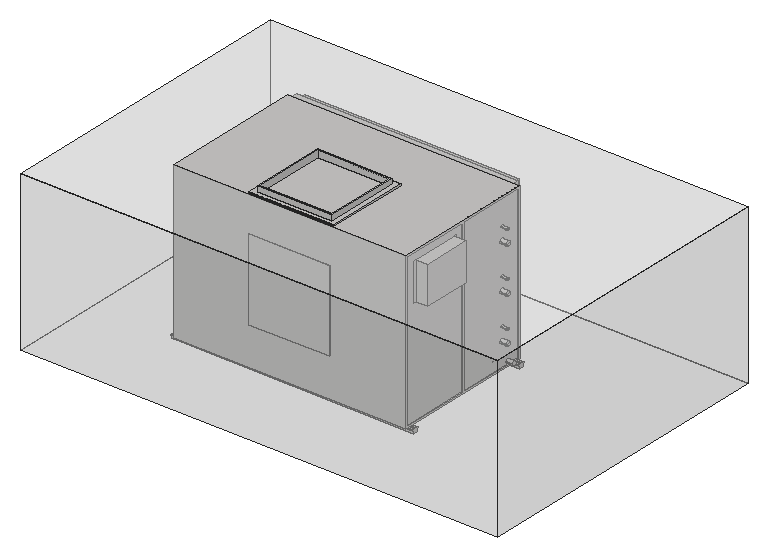
Revit family "outputfile", category 機械設備, Revit 2024
Family settings
  丸型コネクタ寸法 = 半径を使用
  パーツ タイプ = 標準
  OmniClass 番号 = 23.75.10.24.21.27.27
  OmniClass タイトル = Split System Air Conditioning Units
  作業面ベース = いいえ
  常に垂直 = はい
  ロード時にボイドで切り取り = いいえ
  注釈の向きを維持 = いいえ
  共有 = いいえ
  部屋計算ポイント = はい
Parameters (values of type "3FGN450HYL")
  Description = ""
  書き出し IFC クラス(タイプ) = "IfcUnitaryEquipmentType"
  定義済み IFC タイプ(タイプ) = "AIRCONDITIONINGUNIT"
  Cost = 0
  Type Comments = ""
  Keynote = ""
  Type Image = (empty or 0)
  Assembly Code = ""
  switch_frequency = yes
  lw_power = 1150 mm
  lw_frontpanel = 754 mm
  lw_box_front = lw_box + 18 mm  # 115 mm
  lw_box = 97 mm
  lw_RA = 1057 mm
  lh_liquidpipe_3 = 390 mm
  lh_liquidpipe_2 = 810 mm
  lh_height_SA = 698 mm
  lh_ld_mountinghole_height = 35 mm
  lh_height_RA = 1326 mm
  lh_hangerfixture = 35 mm
  lh_gaspipe_3 = 270 mm
  lh_gaspipe_2 = 690 mm
  lh_frontpanel_bottom = if(Width = 1766 mm, 444 mm, if(Width = 2022 mm, 479 mm, 402 mm))  # 402 mm
  lh_frontpanel = if(Width = 1766 mm, 542 mm, if(Width = 2022 mm, 542 mm, 758 mm))  # 758 mm
  lh_circlevoid = 135.5 mm
  lh_box_top = 95 mm
  lh_box = 351 mm
  lh_SA = 1546 mm
  lh_RA = 788 mm
  ld_void = 658 mm
  ld_frontpanel = 10 mm
  ld_depth_SA = 409 mm
  ld_depth_RA = 130 mm
  ld_circlevoid = 294.5 mm
  ld_box_left = 114 mm
  ld_box = 490 mm
  connector_voltage = Voltage_60Hz  # 380 V
  connector_powerinput = [Power Input (Cooling)]  # 47.570 kW
  connector_phase = Phase_60Hz  # 3
  製造元 = "Daikin"
  モデル = "3FGN450HYL"
  w_pipe = 33 mm
  r_Liquid Pipe Size = Liquid Pipe Size / 2  # 7.95 mm
  r_Gas Pipe Size = Gas Pipe Size / 2  # 17.45 mm
  r_Drain Pipe Size = Drain Pipe Size / 2  # 17.0 mm
  lw_powersupply = lw_power  # 1150 mm
  lw_width_RA = 2004 mm
  lw_width_SA = 694 mm
  lh_suctionflange [instance] = 100 mm
  ld_suctionflange [instance] = 190 mm
  ld_powersupply = 200 mm
  angle_vertical_RA [instance] = 90.00°
  angle horizontal_RA [instance] = 180.00°
  Voltage_comment_60Hz = "380"
  Voltage_60Hz = 380 V
  URL = ""
  Sound Power Level_H speed (dB) = 0
  Phase_60Hz = 3
  Minimum External Static Pressure = 0.00 Pa
  Minimum Circuit Amps_60Hz = 0.0 A
  Maximum Fuse Amps_60Hz = 0.0 A
  Maximum External Static Pressure = 250.00 Pa
  Material_Casing = DAIKIN_GalvanizedSteel_Casing_indoorunit
  lw_liquidpipe = 1137 mm
  lw_gaspipe = 1137 mm
  lw_mountinghole_pitch = 2234 mm
  lw_mountinghole = 2274 mm
  lw_drainpipe = 1137 mm
  lh_powersupply = 1040 mm
  lh_liquidpipe = 1230 mm
  lh_gaspipe = 1110 mm
  lh_mountinghole = 5 mm
  lh_drainpipe = 73 mm
  lh_antena = Height - 4 mm  # 1482 mm
  ld_liquidpipe = 470 mm
  ld_gaspipe = 470 mm
  ld_mountinghole_pitch = 1240 mm
  ld_drainpipe = 539 mm
  ld_controlbox = 626 mm
  h*** = 0 mm  # constant formula
  d_dischargeflange = 60 mm
  Width = 2174 mm
  Version = "ver.1.0"
  Unit Type = "Duct"
  Unit Mass Weight = 533.00 kg
  Unit Designation [instance] = ""
  Uniclass2015Version = "Products v1.30"
  Uniclass2015Title = "Split coil room air conditioning units"
  Uniclass2015Code = "Pr_70_65_03_86"
  Total Cooling Capacity [instance] = 0.000 kW
  Sound Pressure Level_M speed (dBA) = 0
  Sound Pressure Level_L speed (dBA) = 0
  Sound Pressure Level_H speed (dBA) = 68
  Series = "Package Aircon_Fan Coil Unit"
  Sensible Cooling Capacity [instance] = 0.000 kW
  SA Duct Size Width = 694 mm
  SA Duct Size Height = 698 mm
  Refrigerant Type = "R410A"
  RA Duct Size Width = 2004 mm
  RA Duct Size Height = 1326 mm
  Power Input (Cooling) = 47.570 kW
  Option Accessory 3 [instance] = ""
  Option Accessory 2 [instance] = ""
  Option Accessory 1 [instance] = ""
  Nominal Cooling Capacity = 131.887 kW
  Minimum Airflow = 0.00 m³/h
  Median Airflow = 0.00 m³/h
  Maximum Airflow = 22937.00 m³/h
  Load Classification = HVAC
  Liquid Pipe Size = 15.9 mm
  Link_Nested Family [instance] = ""
  IfcVersion = ""
  IfcExportType = "AIRCONDITIONINGUNIT"
  IfcExportAs = "IfcUnitaryEquipmentType"
  Height = 1486 mm
  Heat Exchanger Type = "Cross Fin Coil"
  Gas Pipe Size = 34.9 mm
  Frequency_60Hz = 60 Hz
  Fan Type = "Sirocco Fan"
  Fan Drive = "-"
  FCU Tag No. [instance] = ""
  Drain Pipe Size = 34.0 mm
  Design Supply Airflow [instance] = 0.00 m³/h
  Design Return Airflow [instance] = 0.00 m³/h
  Design External Static Pressure [instance] = 0.00 Pa
  Depth = 1336 mm
  既定の高さ = 0 mm
  Cooling Entering Wet Bulb Temperature [instance] = 0.00 °C
  Cooling Entering Dry Bulb Temperature [instance] = 0.00 °C
  Cooling Ambient Wet Bulb Temperature [instance] = 0.00 °C
  Cooling Ambient Dry Bulb Temperature [instance] = 0.00 °C
  Clearance visibility [instance] = yes
  Clearance Top = 0 mm
  Clearance Right = 1500 mm
  Clearance Rear = 800 mm
  Clearance Left = 800 mm
  Clearance Front = 800 mm
  Clearance Bottom = 0 mm
Reference planes
  plane 1 "Center (Front/Back)": y = 0
  plane 2: z = 0
  plane 3 "Center (Left/Right)": x = 0
  plane 4 "Back": y = 668
  plane 5 "Front": y = -668
  plane 6 "Left": x = -1087
  plane 7 "Right": x = 1087
  plane 8 "Top": z = 0
  plane 9 "Bottom": z = -1486
  plane 10: z = -256
  plane 11: z = -376
  plane 12: x = -1117
  plane 13: x = 1117
  plane 14: x = 1137
  plane 15: x = 1137
  plane 16: z = -1481
  plane 17 "Clearance Left": x = -1887
  plane 18 "Clearance Right": x = 2587
  plane 19 "Clearance Rear": y = 1468
  plane 20 "Clearance Front": y = -1468
  plane 21 "Clearance Bottom": z = -1486
  plane 22: z = -1413
  plane 23 "ld_gas": y = 470
  plane 24: y = 470
  plane 25: y = -30
  plane 26: y = 539
  plane 27: y = 478
  plane 28: x = 1137
  plane 29: y = 620
  plane 30: y = -620
  plane 31: y = -259
  plane 32: y = 798
  plane 33 "Clearance Top": z = 0
  plane 34: z = -446
  plane 35: y = -200
  plane 36 "hangerfixture": z = -1451
  plane 37 "lh_SA": z = 60
  plane 38 "lh_RA": z = -698
  plane 39 "RA_center": x = -30
  plane 40: y = -658
  plane 41: y = 0
  plane 42: y = 658
  plane 43: z = -10
  plane 44: z = -1441
  plane 45: y = 10
  plane 46: y = -658
  plane 47: y = 0
  plane 48: y = 658
  plane 49: z = -10
  plane 50: z = -1441
  plane 51: y = 10
  plane 52: x = 1069
  plane 53: x = 1184
  plane 54: y = -554
  plane 55: y = -534
  plane 56: y = -84
  plane 57: y = -64
  plane 58 "box_bottom": z = -446
  plane 59 "box_top": z = -95
  plane 60: x = -377
  plane 61: x = 377
  plane 62: y = -678
  plane 63: y = -658
  plane 64 "lw_power": x = 1150
  plane 65: z = -676
  plane 66: z = -796
  plane 67: z = -1096
  plane 68: z = -1216
  plane 69: x = 1067
  plane 70: x = -1067
  plane 71: z = -1084
  plane 72: z = -326
Forms (mm)
  Extrusion 1, solid, material "DAIKIN_GalvanizedSteel_Casing_indoorunit" <- "Material_Casing"
    sketch origin (0, -0.8, 0) x (1, 0, 0) y (0, 1, 0)
      loop
        line (-1087, -667.2) -> (1087, -667.2) -> (1087, 668.8) -> (-1087, 668.8) -> (-1087, -667.2)
    from -1451 to 0
  Revolve 2, solid, material "DAIKIN_GalvanizedSteel_Casing_indoorunit" <- "Material_Casing"
    sketch origin (0, 0, -376) x (0, -1, 0) y (1, 0, 0)
      loop
        line (-452.55, 1067) -> (-452.55, 1137) -> (-470, 1137) -> (-470, 1067) -> (-452.55, 1067)
      axis (-470, 1067) -> (-470, 1137)
    angle from 0 to 360
  Revolve 3, solid, material "DAIKIN_GalvanizedSteel_Casing_indoorunit" <- "Material_Casing"
    sketch origin (0, 0, -256) x (0, -1, 0) y (1, 0, 0)
      loop
        line (-470, 1067) -> (-470, 1137) -> (-477.95, 1137) -> (-477.95, 1067) -> (-470, 1067)
      axis (-470, 1137) -> (-470, 1067)
    angle from 0 to 360
  Extrusion 4, solid, material "DAIKIN_GalvanizedSteel_Casing_indoorunit" <- "Material_Casing"
    sketch origin (0, 0, 0) x (0, 1, 0) y (0, 0, 1)
      loop
        circle (539, -1413) r 17
    from 1137 to 1067
  Extrusion 5, void
    sketch origin (1087, 0, 0) x (0, 1, 0) y (0, 0, 1)
      loop
        line (-658, -10) -> (-658, -1441) -> (0, -1441) -> (0, -10) -> (-658, -10)
      loop
        line (658, -10) -> (10, -10) -> (10, -1441) -> (658, -1441) -> (658, -10)
    from 0 to -20
  Extrusion 6, void
    sketch origin (-1087, 0, 0) x (0, 1, 0) y (0, 0, 1)
      loop
        line (-658, -10) -> (-658, -1441) -> (0, -1441) -> (0, -10) -> (-658, -10)
      loop
        line (658, -10) -> (10, -10) -> (10, -1441) -> (658, -1441) -> (658, -10)
    from 0 to 20
  Extrusion 7, solid, material "DAIKIN_GalvanizedSteel_Casing_indoorunit" <- "Material_Casing"
    sketch origin (0, 0, 0) x (1, 0, 0) y (0, 1, 0)
      loop
        line (1067, -554) -> (1069, -554) -> (1069, -534) -> (1184, -534) -> (1184, -84) -> (1069, -84) -> (1069, -64) -> (1067, -64) -> (1067, -554)
    from -446 to -95
  Extrusion 8, solid, material "DAIKIN_GalvanizedSteel_Casing_indoorunit" <- "Material_Casing"
    sketch origin (0, 0, -1486) x (-1, 0, 0) y (0, -1, 0)
      loop
        line (377, 658) -> (377, 678) -> (-377, 678) -> (-377, 658) -> (377, 658)
    from 402 to 1160
  Revolve 9, solid, material "DAIKIN_GalvanizedSteel_Casing_indoorunit" <- "Material_Casing"
    sketch origin (0, 0, -796) x (0, -1, 0) y (1, 0, 0)
      loop
        line (-452.55, 1067) -> (-452.55, 1137) -> (-470, 1137) -> (-470, 1067) -> (-452.55, 1067)
      axis (-470, 1067) -> (-470, 1137)
    angle from 0 to 360
  Revolve 10, solid, material "DAIKIN_GalvanizedSteel_Casing_indoorunit" <- "Material_Casing"
    sketch origin (0, 0, -676) x (0, -1, 0) y (1, 0, 0)
      loop
        line (-470, 1067) -> (-470, 1137) -> (-477.95, 1137) -> (-477.95, 1067) -> (-470, 1067)
      axis (-470, 1137) -> (-470, 1067)
    angle from 0 to 360
  Extrusion 11, void
    sketch origin (1087, 0, 0) x (0, 1, 0) y (0, 0, 1)
      loop
        circle (373.5, -1350.5) r 13.5
    from -21 to 0
  Revolve 12, solid, material "DAIKIN_GalvanizedSteel_Casing_indoorunit" <- "Material_Casing"
    sketch origin (0, 0, -1216) x (0, -1, 0) y (1, 0, 0)
      loop
        line (-452.55, 1067) -> (-452.55, 1137) -> (-470, 1137) -> (-470, 1067) -> (-452.55, 1067)
      axis (-470, 1067) -> (-470, 1137)
    angle from 0 to 360
  Revolve 13, solid, material "DAIKIN_GalvanizedSteel_Casing_indoorunit" <- "Material_Casing"
    sketch origin (0, 0, -1096) x (0, -1, 0) y (1, 0, 0)
      loop
        line (-470, 1067) -> (-470, 1137) -> (-477.95, 1137) -> (-477.95, 1067) -> (-470, 1067)
      axis (-470, 1137) -> (-470, 1067)
    angle from 0 to 360
Cuts and joins
  Extrusion 5, Extrusion 6, Extrusion 11 cuts Extrusion 1
  Extrusion 6 cuts Revolve 2
  Extrusion 6 cuts Revolve 3
  Extrusion 6 cuts Extrusion 4
Dimensions and locks
  equal spacing: plane 12, plane 3 "Center (Left/Right)", plane 13
  "lw_mountinghole_pitch": plane 12 to plane 13
  "lh_liquidpipe": plane 10 to plane 9 "Bottom"
  "lh_gaspipe": plane 11 to plane 9 "Bottom"
  equal spacing: plane 6 "Left", plane 3 "Center (Left/Right)", plane 7 "Right"
  "Width": plane 6 "Left" to plane 7 "Right"
  "Clearance Right": plane 7 "Right" to plane 18 "Clearance Right"
  "Clearance Left": plane 17 "Clearance Left" to plane 6 "Left"
  "Clearance Rear": plane 19 "Clearance Rear" to plane 4 "Back"
  "Clearance Front": plane 5 "Front" to plane 20 "Clearance Front"
  "Depth": plane 4 "Back" to plane 5 "Front"
  equal spacing: plane 4 "Back", plane 1 "Center (Front/Back)", plane 5 "Front"
  "ld_suctionflange": plane 4 "Back" to plane 27
  "r_Liquid Pipe Size": nested 5 to Revolve 3 sketch curve
  equal spacing: plane 29, plane 1 "Center (Front/Back)", plane 30
  "ld_mountinghole_pitch": plane 29 to plane 30
  "lw_liquidpipe": plane 3 "Center (Left/Right)" to plane 14
  "lw_gaspipe": plane 3 "Center (Left/Right)" to plane 15
  "lw_drainpipe": plane 3 "Center (Left/Right)" to plane 28
  "lh_drainpipe": plane 22 to plane 9 "Bottom"
  "Clearance Top": plane 33 "Clearance Top" to plane 8 "Top"
  "Clearance Bottom": plane 9 "Bottom" to plane 21 "Clearance Bottom"
  "lh_powersupply": plane 34 to plane 9 "Bottom"
  plane 8 "Top" to level = 0 mm
  "lh_hangerfixture": plane 36 "hangerfixture" to plane 9 "Bottom"
  "lh_SA": plane 37 "lh_SA" to plane 9 "Bottom"
  "ld_depth_RA": plane 32 to plane 4 "Back"
  "lh_RA": plane 38 "lh_RA" to plane 9 "Bottom"
  "lw_RA": plane 6 "Left" to plane 39 "RA_center"
  locked: plane 36 "hangerfixture" to plane 44 at 10
  plane 5 "Front" to plane 40 = 10 mm
  locked: plane 8 "Top" to plane 43 at 10
  plane 42 to plane 4 "Back" = 10 mm
  "ld_void": plane 40 to plane 41
  "ld_void": plane 46 to plane 47
  plane 5 "Front" to plane 46 = 10 mm
  plane 48 to plane 4 "Back" = 10 mm
  locked: plane 8 "Top" to plane 49 at 10
  locked: plane 50 to plane 36 "hangerfixture" at 10
  "ld_box_left": plane 54 to plane 5 "Front"
  "ld_box": plane 57 to plane 54
  locked: plane 55 to plane 54 at 20
  locked: plane 57 to plane 56 at 20
  "lw_box": plane 7 "Right" to plane 53
  "lh_box_top": plane 8 "Top" to plane 59 "box_top"
  "lh_box": plane 59 "box_top" to plane 58 "box_bottom"
  equal spacing: plane 60, plane 3 "Center (Left/Right)", plane 61
  "lw_power": plane 3 "Center (Left/Right)" to plane 64 "lw_power"
  "lh_gaspipe_2": plane 66 to plane 9 "Bottom"
  "lh_liquidpipe_2": plane 65 to plane 9 "Bottom"
  "ld_powersupply": plane 35 to plane 1 "Center (Front/Back)"
  "ld_drainpipe": plane 26 to plane 1 "Center (Front/Back)"
  "ld_gaspipe": plane 23 "ld_gas" to plane 1 "Center (Front/Back)"
  "r_Gas Pipe Size": plane 23 "ld_gas" to Revolve 9 sketch curve
  "r_Gas Pipe Size": plane 23 "ld_gas" to Revolve 2 sketch curve
  "r_Liquid Pipe Size": Revolve 10 sketch curve to plane 24
  "ld_liquidpipe": plane 24 to plane 1 "Center (Front/Back)"
  "ld_depth_SA": plane 31 to plane 5 "Front"
  "lh_circlevoid": Extrusion 11 sketch curve to plane 9 "Bottom"
  "Height": plane 8 "Top" to plane 9 "Bottom"
  "lh_mountinghole": plane 16 to plane 9 "Bottom"
  "lh_gaspipe_3": plane 68 to plane 9 "Bottom"
  "lh_liquidpipe_3": plane 67 to plane 9 "Bottom"
  "ld_circlevoid": Extrusion 11 sketch curve to plane 4 "Back"
  "lw_box_front": plane 52 to plane 53
  locked: plane 69 to plane 7 "Right" at 20
  locked: plane 6 "Left" to plane 70 at 20
  "lh_frontpanel_bottom": plane 71 to plane 9 "Bottom"
  "lh_frontpanel": plane 72 to plane 71
  "r_Gas Pipe Size": plane 24 to Revolve 12 sketch curve
  "r_Liquid Pipe Size": Revolve 13 sketch curve to plane 24
  "lw_frontpanel": plane 60 to plane 61
  locked: plane 63 to plane 5 "Front" at 10
  "ld_frontpanel": plane 5 "Front" to plane 62
  locked: plane 41 to plane 45 at 10
  locked: plane 47 to plane 51 at 10
  "r_Drain Pipe Size": radius of Extrusion 4 sketch curve
  diameter of Extrusion 11 sketch curve = 27 mm
  aligned and locked: level to plane 2
  aligned and locked: plane 8 "Top" to Extrusion 1
  aligned and locked: Revolve 2 sketch curve to Revolve 2 sketch curve
  aligned and locked: plane 14 to nested 5
  aligned and locked: nested 5 to plane 10
  aligned and locked: nested 2 to plane 13
  aligned and locked: nested 3 to plane 12
  aligned and locked: plane 12 to nested 4
  aligned and locked: nested 6 to plane 11
  aligned and locked: plane 23 "ld_gas" to nested 6
  aligned and locked: plane 24 to nested 5
  aligned and locked: Extrusion 4 sketch curve to plane 26
  aligned and locked: nested 10 to plane 19 "Clearance Rear"
  aligned and locked: nested 10 to plane 18 "Clearance Right"
  aligned and locked: nested 10 to plane 17 "Clearance Left"
  aligned and locked: nested 10 to plane 20 "Clearance Front"
  aligned and locked: plane 28 to Extrusion 4
  aligned and locked: plane 15 to nested 6  (x2)
  aligned and locked: plane 13 to nested 1
  aligned and locked: plane 26 to nested 7
  aligned and locked: nested 7 to plane 22
  aligned and locked: nested 7 to plane 28
  aligned and locked: plane 29 to nested 1
  aligned and locked: plane 30 to nested 2
  aligned and locked: nested 4 to plane 29
  aligned and locked: nested 3 to plane 30
  aligned and locked: nested 9 to plane 4 "Back"
  aligned and locked: plane 32 to nested 13
  aligned and locked: plane 3 "Center (Left/Right)" to nested 12
  aligned and locked: nested 10 to plane 33 "Clearance Top"
  aligned and locked: nested 10 to plane 21 "Clearance Bottom"
  aligned and locked: nested 11 to plane 9 "Bottom"
  aligned and locked: plane 36 "hangerfixture" to Extrusion 1
  aligned and locked: Extrusion 1 to plane 5 "Front"
  aligned and locked: Extrusion 1 to plane 4 "Back"
  aligned and locked: plane 38 "lh_RA" to nested 9
  aligned and locked: nested 13 to plane 38 "lh_RA"
  aligned and locked: plane 39 "RA_center" to nested 9
  aligned and locked: nested 13 to plane 39 "RA_center"
  aligned and locked: Extrusion 5 sketch curve to plane 43
  aligned and locked: Extrusion 5 sketch curve to plane 40
  aligned and locked: plane 44 to Extrusion 5 sketch curve
  aligned and locked: Extrusion 5 sketch curve to plane 41
  aligned and locked: plane 43 to Extrusion 5 sketch curve
  aligned and locked: Extrusion 5 sketch curve to plane 42
  aligned and locked: Extrusion 5 sketch curve to plane 44
  aligned and locked: Extrusion 5 sketch curve to plane 45
  aligned and locked: Extrusion 6 sketch curve to plane 49
  aligned and locked: Extrusion 6 sketch curve to plane 46
  aligned and locked: plane 50 to Extrusion 6 sketch curve
  aligned and locked: Extrusion 6 sketch curve to plane 47
  aligned and locked: plane 49 to Extrusion 6 sketch curve
  aligned and locked: Extrusion 6 sketch curve to plane 48
  aligned and locked: Extrusion 6 sketch curve to plane 50
  aligned and locked: Extrusion 6 sketch curve to plane 51
  aligned and locked: cut or joined group of Extrusion 1, Extrusion 5, Extrusion 6, Extrusion 11 to Extrusion 7 sketch curve
  aligned and locked: plane 57 to Extrusion 7 sketch curve
  aligned and locked: plane 53 to Extrusion 7 sketch curve
  aligned and locked: Extrusion 7 sketch curve to plane 54
  aligned and locked: plane 59 "box_top" to Extrusion 7
  aligned and locked: Extrusion 7 to plane 58 "box_bottom"
  aligned and locked: Extrusion 8 sketch curve to plane 63
  aligned and locked: Extrusion 8 sketch curve to plane 60
  aligned and locked: plane 62 to Extrusion 8 sketch curve
  aligned and locked: plane 61 to Extrusion 8 sketch curve
  aligned and locked: Revolve 9 sketch curve to Revolve 9 sketch curve
  aligned and locked: nested 15 to plane 65
  aligned and locked: nested 16 to plane 66
  aligned and locked: plane 14 to Revolve 10
  aligned and locked: nested 15 to plane 14
  aligned and locked: plane 15 to cut or joined group of Revolve 2, Extrusion 6  (x3)
  aligned and locked: cut or joined group of Revolve 2, Extrusion 6 to plane 15
  aligned and locked: nested 14 to plane 35
  aligned and locked: Revolve 2 sketch curve to plane 23 "ld_gas"
  aligned and locked: plane 23 "ld_gas" to nested 16
  aligned and locked: plane 24 to nested 15
  aligned and locked: plane 37 "lh_SA" to nested 12
  aligned and locked: plane 37 "lh_SA" to nested 8
  aligned and locked: plane 31 to nested 12
  aligned and locked: plane 31 to nested 8
  aligned and locked: cut or joined group of Extrusion 1, Extrusion 5, Extrusion 6, Extrusion 11 to cut or joined group of Extrusion 4, Extrusion 6
  aligned and locked: cut or joined group of Extrusion 1, Extrusion 5, Extrusion 6, Extrusion 11 to Revolve 10
  aligned and locked: Revolve 9 to cut or joined group of Extrusion 1, Extrusion 5, Extrusion 6, Extrusion 11
  aligned and locked: cut or joined group of Extrusion 1, Extrusion 5, Extrusion 6, Extrusion 11 to cut or joined group of Revolve 3, Extrusion 6
  aligned and locked: cut or joined group of Revolve 2, Extrusion 6 to cut or joined group of Extrusion 1, Extrusion 5, Extrusion 6, Extrusion 11
  aligned and locked: plane 52 to Extrusion 7 sketch curve
  aligned and locked: Extrusion 7 sketch curve to plane 55
  aligned and locked: Extrusion 7 sketch curve to plane 56
  aligned and locked: Extrusion 7 sketch curve to plane 52
  aligned and locked: nested 14 to plane 64 "lw_power"
  aligned and locked: nested 14 to plane 34
  aligned and locked: Revolve 12 sketch curve to Revolve 12 sketch curve
  aligned and locked: nested 17 to plane 67
  aligned and locked: nested 18 to plane 68
  aligned and locked: cut or joined group of Extrusion 1, Extrusion 5, Extrusion 6, Extrusion 11 to plane 70
  aligned and locked: Extrusion 5 to plane 69
  aligned and locked: plane 24 to nested 17
  aligned and locked: plane 23 "ld_gas" to nested 18
  aligned and locked: Extrusion 8 to plane 71
  aligned and locked: plane 72 to Extrusion 8
Automatic sketch dimensions
  Extrusion 1 sketch curve to plane 4 "Back" = 0 mm
  Extrusion 1 sketch curve to plane 6 "Left" = 0 mm
  Extrusion 1 sketch curve to plane 5 "Front" = 0 mm
  Extrusion 1 sketch curve to plane 7 "Right" = 0 mm
  Revolve 3 sketch curve to plane 23 "ld_gas" = 0 mm  (x2)
  Revolve 3 sketch curve to plane 14 = 0 mm  (x2)
  Revolve 3 sketch curve to plane 7 "Right" = 20 mm
  plane 7 "Right" to Revolve 3 sketch curve = 15 mm
  Extrusion 4 sketch curve to plane 22 = 0 mm
  Revolve 10 sketch curve to plane 23 "ld_gas" = 0 mm  (x2)
  Revolve 10 sketch curve to plane 14 = 0 mm  (x2)
  Revolve 10 sketch curve to plane 7 "Right" = 20 mm
  plane 7 "Right" to Revolve 10 sketch curve = 15 mm
  Revolve 13 sketch curve to plane 14 = 0 mm  (x2)
  Revolve 13 sketch curve to plane 23 "ld_gas" = 0 mm  (x2)
  Revolve 13 sketch curve to plane 7 "Right" = 20 mm
  plane 7 "Right" to Revolve 13 sketch curve = 15 mm
  Revolve 2 sketch curve to plane 69 = 0 mm
  Revolve 2 sketch curve to plane 14 = 0 mm
  plane 7 "Right" to Revolve 2 sketch curve = 2.003 mm
  plane 14 to Revolve 2 sketch curve = 1.003 mm
  Revolve 9 sketch curve to plane 23 "ld_gas" = 0 mm
  Revolve 9 sketch curve to plane 69 = 0 mm
  Revolve 9 sketch curve to plane 14 = 0 mm
  plane 7 "Right" to Revolve 9 sketch curve = 2.003 mm
  plane 14 to Revolve 9 sketch curve = 1.003 mm
  Revolve 12 sketch curve to plane 23 "ld_gas" = 0 mm
  Revolve 12 sketch curve to plane 69 = 0 mm
  Revolve 12 sketch curve to plane 14 = 0 mm
  plane 7 "Right" to Revolve 12 sketch curve = 2.003 mm
  plane 14 to Revolve 12 sketch curve = 1.003 mm
Nested families
  nested 1: "daikin_mountinghole" at (1117, 620, -1486), Link_Nested Family <- "Link_Nested Family", h_mountinghole <- "lh_mountinghole", l_antenna <- "lh_antena", type "daikin_mountinghole"
    with show yes, l_antenna 1482 mm, h_mountinghole 5 mm, Link_Nested Family "", d_circle 23 mm
  nested 2: "daikin_mountinghole" at (1117, -620, -1486), Link_Nested Family <- "Link_Nested Family", h_mountinghole <- "lh_mountinghole", l_antenna <- "lh_antena", type "daikin_mountinghole"
    with show yes, l_antenna 1482 mm, h_mountinghole 5 mm, Link_Nested Family "", d_circle 23 mm
  nested 3: "daikin_mountinghole" at (-1117, -620, -1486), Link_Nested Family <- "Link_Nested Family", h_mountinghole <- "lh_mountinghole", l_antenna <- "lh_antena", type "daikin_mountinghole"
    with show yes, l_antenna 1482 mm, h_mountinghole 5 mm, Link_Nested Family "", d_circle 23 mm
  nested 4: "daikin_mountinghole" at (-1117, 620, -1486), Link_Nested Family <- "Link_Nested Family", h_mountinghole <- "lh_mountinghole", l_antenna <- "lh_antena", type "daikin_mountinghole"
    with show yes, l_antenna 1482 mm, h_mountinghole 5 mm, Link_Nested Family "", d_circle 23 mm
  nested 5: "daikin_connector_rotate2" at (0, 470, -256) x (0, 1, 0) z (0, 0, 1), length <- "lw_liquidpipe", built-in parameter 1001364 <- "lh_liquidpipe", radius <- "r_Liquid Pipe Size", type "daikin_connector_rotate2"
    with radius 7.95 mm, length 1137 mm, angle_vertical 90.00°
  nested 6: "daikin_connector_rotate2" at (0, 470, -376) x (0, 1, 0) z (0, 0, 1), length <- "lw_gaspipe", built-in parameter 1001364 <- "lh_gaspipe", radius <- "r_Gas Pipe Size", type "daikin_connector_rotate2"
    with radius 17.45 mm, length 1137 mm, angle_vertical 90.00°
  nested 7: "daikin_connector_rotate2" at (0, 539, -1413) x (0, 1, 0) z (0, 0, 1), built-in parameter 1001364 <- "lh_drainpipe", length <- "lw_drainpipe", radius <- "r_Drain Pipe Size", type "daikin_connector_rotate2"
    with radius 17 mm, length 1137 mm, angle_vertical 90.00°
  nested 8: "daikin_connector_rotate2" at (0, -259, 0) x (1, 0, 0) z (0, 1, 0), length <- "d_dischargeflange", type "daikin_connector_rotate2"
    with radius 10 mm, length 60 mm, angle_vertical 90.00°
  nested 9: "daikin_ductflange_3FGN-HYL" at (-30, 668, -698), material <- "Material_Casing", width <- "lw_width_RA", height <- "lh_height_RA", depth <- "ld_depth_RA", type "daikin_ductflange_3FGN-HYL"
    with x 35 mm, width 2004 mm, material DAIKIN_GalvanizedSteel_Casing_indoorunit, height 1326 mm, depth 130 mm
  nested 10: "daikin_clearancespace" at (350, 0, -742.881), visible <- "Clearance visibility", show <- "Clearance visibility", Link_Nested Family <- "Link_Nested Family", type "daikin_clearancespace"
    with width 4474 mm, show yes, height 1486 mm, depth 2936 mm, Link_Nested Family ""
  nested 11: "daikin_hangerfixture_3FGN-HYL" at (0, 0, -1486), type "daikin_hangerfixture_3FGN-HYL"
    with width 2234 mm, depth 1240 mm, G 2274 mm
  nested 12: "daikin_ductflange_3FGN-HYL_1" at (0, -448.401, 0) x (1, 0, 0) z (0, 1, 0), width <- "lw_width_SA", material <- "Material_Casing", height <- "lh_height_SA", depth <- "d_dischargeflange", type "daikin_ductflange_3FGN-HYL_1"
    with width 694 mm, t 10 mm, material DAIKIN_GalvanizedSteel_Casing_indoorunit, height 698 mm, depth 60 mm
  nested 13: "daikin_connector_rotate2" at (-30, 668, -698) x (-1, 0, 0) z (0, 0, 1), length <- "ld_depth_RA", type "daikin_connector_rotate2"
    with radius 10 mm, length 130 mm, angle_vertical 90.00°
  nested 14: "daikin_connector_rotate2" at (1150, -200, -95) x (0, 1, 0) z (1, 0, 0), length <- "lh_box", type "daikin_connector_rotate2"
    with radius 10 mm, length 351 mm, angle_vertical 90.00°
  nested 15: "daikin_connector_rotate2" at (0, 470, -676) x (0, 1, 0) z (0, 0, 1), length <- "lw_liquidpipe", built-in parameter 1001364 <- "lh_liquidpipe", radius <- "r_Liquid Pipe Size", type "daikin_connector_rotate2"
    with radius 7.95 mm, length 1137 mm, angle_vertical 90.00°
  nested 16: "daikin_connector_rotate2" at (0, 470, -796) x (0, 1, 0) z (0, 0, 1), length <- "lw_gaspipe", built-in parameter 1001364 <- "lh_gaspipe", radius <- "r_Gas Pipe Size", type "daikin_connector_rotate2"
    with radius 17.45 mm, length 1137 mm, angle_vertical 90.00°
  nested 17: "daikin_connector_rotate2" at (0, 470, -1096) x (0, 1, 0) z (0, 0, 1), length <- "lw_liquidpipe", built-in parameter 1001364 <- "lh_liquidpipe", radius <- "r_Liquid Pipe Size", type "daikin_connector_rotate2"
    with radius 7.95 mm, length 1137 mm, angle_vertical 90.00°
  nested 18: "daikin_connector_rotate2" at (0, 470, -1216) x (0, 1, 0) z (0, 0, 1), length <- "lw_gaspipe", built-in parameter 1001364 <- "lh_gaspipe", radius <- "r_Gas Pipe Size", type "daikin_connector_rotate2"
    with radius 17.45 mm, length 1137 mm, angle_vertical 90.00°
Connectors
  piping at (1137, 470, -376), diameter 34.9, driven by "r_Gas Pipe Size"
    settings: on nested 6, index 1, connector inside diameter 609.6 mm, connector length 0 mm, flow factor 0, pipe flow 0.00 m³/h, pressure drop 0.0 Pa, fitting loss kfactor 0, connector angle 0.00°, fixture units 0, engagement length 0 mm, angle of deflection 0.00°, flow configuration 1, flow direction 2, fitting loss method 0, system type 29, joint type 0, gender type 0, connector reference index -1, connector utility 0, adjustable connector no, is connector primary yes, connector description "Refrigerant Gas Piping"
  piping at (1137, 470, -256), diameter 15.9, driven by "r_Liquid Pipe Size"
    settings: on nested 5, index 2, connector inside diameter 609.6 mm, connector length 0 mm, flow factor 0, pipe flow 0.00 m³/h, pressure drop 0.0 Pa, fitting loss kfactor 0, connector angle 0.00°, fixture units 0, engagement length 0 mm, angle of deflection 0.00°, flow configuration 1, flow direction 1, fitting loss method 0, system type 29, joint type 0, gender type 0, connector reference index -1, connector utility 0, adjustable connector no, is connector primary no, connector description "Refrigerant Liquid Piping"
  piping at (1137, 539, -1413), diameter 34, driven by "r_Drain Pipe Size"
    settings: on nested 7, index 3, connector inside diameter 609.6 mm, connector length 0 mm, flow factor 0, pipe flow 0.00 m³/h, pressure drop 0.0 Pa, fitting loss kfactor 0, connector angle 0.00°, fixture units 0, engagement length 0 mm, angle of deflection 0.00°, flow configuration 1, flow direction 2, fitting loss method 4, system type 16, joint type 0, gender type 0, connector reference index -1, connector utility 0, adjustable connector no, is connector primary no, connector description "Condensate Drain Piping"
  hvac at (0, -259, 60), driven by "SA Duct Size Height", driven by "SA Duct Size Width"
    settings: on nested 8, index 7, duct flow 0.00 m³/h, flow factor 0, pres drop 0.00 Pa, loss coef 0, conn angle 0.00°, conn width 694.0 mm, conn height 698.0 mm, conn diameter 609.6 mm, duct sys type 1, conn prof type 1, flow config 0, flow direction 2, loss method 4, conn ref index -1, conn util no, is conn primary yes, conn desc "SA Duct"
  hvac at (-30, 798, -698), driven by "RA Duct Size Width", driven by "RA Duct Size Height"
    settings: on nested 13, index 8, duct flow 0.00 m³/h, flow factor 0, pres drop 0.00 Pa, loss coef 0, conn angle 0.00°, conn width 2004.0 mm, conn height 1326.0 mm, conn diameter 609.6 mm, duct sys type 2, conn prof type 1, flow config 0, flow direction 1, loss method 4, conn ref index -1, conn util no, is conn primary no, conn desc "RA Duct"
  electrical at (1150, -200, -446), driven by "Load Classification", driven by "connector_phase", driven by "connector_powerinput", driven by "connector_voltage"
    settings: on nested 14, index 9, voltage 380 V, apparent load 47570 VA, apparent load phase1 0 VA, apparent load phase2 0 VA, apparent load phase3 0 VA, power factor 1, load classification "HVAC", number of poles 3, system type 30, power factor state 1, is connector primary yes, connector utility no, sub classification motor no, connector description "Power Supply"
  piping at (1137, 470, -796), diameter 34.9, driven by "r_Gas Pipe Size"
    settings: on nested 16, index 10, connector inside diameter 609.6 mm, connector length 0 mm, flow factor 0, pipe flow 0.00 m³/h, pressure drop 0.0 Pa, fitting loss kfactor 0, connector angle 0.00°, fixture units 0, engagement length 0 mm, angle of deflection 0.00°, flow configuration 1, flow direction 2, fitting loss method 0, system type 29, joint type 0, gender type 0, connector reference index -1, connector utility 0, adjustable connector no, is connector primary no, connector description "Refrigerant Gas Piping"
  piping at (1137, 470, -676), diameter 15.9, driven by "r_Liquid Pipe Size"
    settings: on nested 15, index 11, connector inside diameter 609.6 mm, connector length 0 mm, flow factor 0, pipe flow 0.00 m³/h, pressure drop 0.0 Pa, fitting loss kfactor 0, connector angle 0.00°, fixture units 0, engagement length 0 mm, angle of deflection 0.00°, flow configuration 1, flow direction 1, fitting loss method 0, system type 29, joint type 0, gender type 0, connector reference index -1, connector utility 0, adjustable connector no, is connector primary no, connector description "Refrigerant Liquid Piping"
  piping at (1137, 470, -1216), diameter 34.9, driven by "r_Gas Pipe Size"
    settings: on nested 18, index 12, connector inside diameter 609.6 mm, connector length 0 mm, flow factor 0, pipe flow 0.00 m³/h, pressure drop 0.0 Pa, fitting loss kfactor 0, connector angle 0.00°, fixture units 0, engagement length 0 mm, angle of deflection 0.00°, flow configuration 1, flow direction 2, fitting loss method 0, system type 29, joint type 0, gender type 0, connector reference index -1, connector utility 0, adjustable connector no, is connector primary no, connector description "Refrigerant Gas Piping"
  piping at (1137, 470, -1096), diameter 15.9, driven by "r_Liquid Pipe Size"
    settings: on nested 17, index 13, connector inside diameter 609.6 mm, connector length 0 mm, flow factor 0, pipe flow 0.00 m³/h, pressure drop 0.0 Pa, fitting loss kfactor 0, connector angle 0.00°, fixture units 0, engagement length 0 mm, angle of deflection 0.00°, flow configuration 1, flow direction 1, fitting loss method 0, system type 29, joint type 0, gender type 0, connector reference index -1, connector utility 0, adjustable connector no, is connector primary no, connector description "Refrigerant Liquid Piping"
Definition of nested family "daikin_ductflange_3FGN-HYL"
  Parameters (values of type "daikin_ductflange_2FGN-HTL")
    x [instance] = if(width = 1636 mm, 15 mm, 35 mm)  # 15 mm
    width [instance] = 1636 mm
    material [instance] = none
    height [instance] = 747 mm
    depth [instance] = 130 mm
    Default Elevation = 0 mm
  Reference planes
    plane 1 "Center (Front/Back)": y = 0
    plane 2: z = 0
    plane 3 "Center (Left/Right)": x = 0
    plane 4: x = -818
    plane 5: x = 818
    plane 6: z = 373.5
    plane 7: z = -373.5
    plane 8: y = 80
    plane 9: y = 130
    plane 10: x = -813
    plane 11: x = 813
    plane 12: z = -368.5
    plane 13: z = 368.5
    plane 14: x = -833
    plane 15: x = 833
    plane 16: z = 393.5
    plane 17: z = -380
  Forms (mm)
    Extrusion 1, solid, material <- "material"
      sketch origin (0, 0, 0) x (1, 0, 0) y (0, 0, 1)
        loop
          line (-833, 393.5) -> (-833, -380) -> (833, -380) -> (833, 393.5) -> (-833, 393.5)
        loop
          line (-813, 368.5) -> (-813, -368.5) -> (813, -368.5) -> (813, 368.5) -> (-813, 368.5)
      from 0 to -80
    Extrusion 2, solid, material <- "material"
      sketch origin (0, 0, 0) x (1, 0, 0) y (0, 0, 1)
        loop
          line (-818, 373.5) -> (-818, -373.5) -> (818, -373.5) -> (818, 373.5) -> (-818, 373.5)
        loop
          line (813, 368.5) -> (-813, 368.5) -> (-813, -368.5) -> (813, -368.5) -> (813, 368.5)
      from -130 to -80
  Cuts and joins
    joined: Extrusion 1, Extrusion 2
  Dimensions and locks
    equal spacing: plane 5, plane 3 "Center (Left/Right)", plane 4
    "width": plane 5 to plane 4
    equal spacing: plane 6, level, plane 7
    "height": plane 6 to plane 7
    locked: plane 1 "Center (Front/Back)" to plane 8 at 80
    "depth": plane 1 "Center (Front/Back)" to plane 9
    plane 6 to plane 13 = 5 mm
    plane 12 to plane 7 = 5 mm
    plane 5 to plane 11 = 5 mm
    plane 10 to plane 4 = 5 mm
    "x": plane 4 to plane 14
    "x": plane 15 to plane 5
    locked: plane 16 to plane 6 at 20
    locked: plane 7 to plane 17 at 6.5
    aligned and locked: level to plane 2
    aligned and locked: Extrusion 1 to plane 8
    aligned and locked: plane 1 "Center (Front/Back)" to Extrusion 1
    aligned and locked: Extrusion 2 to plane 9
    aligned and locked: Extrusion 2 to Extrusion 1
    aligned and locked: plane 13 to Extrusion 2 sketch curve
    aligned and locked: plane 11 to Extrusion 2 sketch curve
    aligned and locked: Extrusion 2 sketch curve to plane 12
    aligned and locked: Extrusion 2 sketch curve to plane 10
    aligned and locked: Extrusion 1 sketch curve to plane 16
    aligned and locked: plane 14 to Extrusion 1 sketch curve
    aligned and locked: plane 17 to Extrusion 1 sketch curve
    aligned and locked: Extrusion 1 sketch curve to plane 15
  Automatic sketch dimensions
    Extrusion 2 sketch curve to plane 4 = 0 mm
    Extrusion 2 sketch curve to plane 5 = 0 mm
    Extrusion 2 sketch curve to plane 7 = 0 mm
    Extrusion 2 sketch curve to plane 6 = 0 mm
    plane 4 to Extrusion 1 sketch curve = 5 mm
    Extrusion 1 sketch curve to plane 5 = 5 mm
    plane 7 to Extrusion 1 sketch curve = 5 mm
    Extrusion 1 sketch curve to plane 6 = 5 mm
Definition of nested family "daikin_clearancespace"
  Parameters (values of type "daikin_clearancespace")
    Description = "daikin_clearancespace"
    width [instance] = 1823.963 mm
    show [instance] = yes
    material = none
    height [instance] = 1359.762 mm
    depth [instance] = 880 mm
    Default Elevation = 0 mm
    Link_Nested Family [instance] = ""
  Reference planes
    plane 1 "Center (Front/Back)": y = 0
    plane 2 "Center (Elevation)": z = -0.119
    plane 3 "Center (Left/Right)": x = 0
    plane 4: y = 440
    plane 5: y = -440
    plane 6 "Right": x = 911.982
    plane 7 "Left": x = -911.982
    plane 8 "Top": z = 679.762
    plane 9 "Bottom": z = -680
  Forms (mm)
    Extrusion 1, solid, material <- "material", visible <- "show"
      sketch origin (0, 0, 0) x (1, 0, 0) y (0, 1, 0)
        loop
          line (-911.982, 440) -> (-911.982, -440) -> (911.982, -440) -> (911.982, 440) -> (-911.982, 440)
      from -680 to 679.762
  Lines and regions (mm)
    symbolic lines, visible <- "show"
      curve 1: line (911.982, 440, 0) -> (-911.982, 440, 0)
      curve 2: line (-911.982, 440, 0) -> (-911.982, -440, 0)
      curve 3: line (-911.982, -440, 0) -> (911.982, -440, 0)
      curve 4: line (911.982, -440, 0) -> (911.982, 440, 0)
      curve 5: line (911.982, 0, 679.762) -> (-911.982, 0, 679.762)
      curve 6: line (911.982, 0, -680) -> (911.982, 0, 679.762)
      curve 7: line (-911.982, 0, -680) -> (911.982, 0, -680)
      curve 8: line (-911.982, 0, 679.762) -> (-911.982, 0, -680)
      curve 9: line (0, 440, 679.762) -> (0, -440, 679.762)
      curve 10: line (0, -440, 679.762) -> (0, -440, -680)
      curve 11: line (0, 440, -680) -> (0, 440, 679.762)
      curve 12: line (0, -440, -680) -> (0, 440, -680)
  Dimensions and locks
    "width": plane 7 "Left" to plane 6 "Right"
    "depth": plane 4 to plane 5
    "height": plane 8 "Top" to plane 9 "Bottom"
    equal spacing: plane 7 "Left", plane 3 "Center (Left/Right)", plane 6 "Right"
    equal spacing: plane 4, plane 1 "Center (Front/Back)", plane 5
    equal spacing: plane 8 "Top", plane 2 "Center (Elevation)", plane 9 "Bottom"
    aligned and locked: level to plane 2 "Center (Elevation)"
    aligned and locked: Extrusion 1 sketch curve to plane 4
    aligned and locked: plane 7 "Left" to Extrusion 1 sketch curve
    aligned and locked: Extrusion 1 sketch curve to plane 5
    aligned and locked: Extrusion 1 sketch curve to plane 6 "Right"
    aligned and locked: plane 8 "Top" to Extrusion 1
    aligned and locked: curve 1 to Extrusion 1
    aligned and locked: curve 2 to Extrusion 1
    aligned and locked: curve 3 to Extrusion 1
    aligned and locked: curve 4 to Extrusion 1
    aligned and locked: curve 5 to Extrusion 1
    aligned and locked: curve 6 to Extrusion 1
    aligned and locked: curve 7 to Extrusion 1
    aligned and locked: curve 8 to Extrusion 1
    aligned and locked: curve 9 to Extrusion 1
    aligned and locked: curve 10 to Extrusion 1
    aligned and locked: curve 11 to Extrusion 1
    aligned and locked: curve 12 to Extrusion 1
    aligned and locked: Extrusion 1 to plane 9 "Bottom"
Definition of nested family "daikin_hangerfixture_3FGN-HYL"
  Parameters (values of type "daikin_hangerfixture_2FGN-HTL")
    width = 1826 mm
    material = none
    height = 35 mm
    e = 40 mm
    depth = 974 mm
    Default Elevation = 0 mm
    G = 1866 mm
    E = 50 mm
  Reference planes
    plane 1 "Center (Front/Back)": y = 0
    plane 2: z = 0
    plane 3 "Center (Left/Right)": x = 0
    plane 4: x = 913
    plane 5: x = -913
    plane 6: z = 35
    plane 7: y = 487
    plane 8: y = -487
    plane 9: x = -933
    plane 10: x = 933
    plane 11: y = 527
    plane 12: y = -527
  Forms (mm)
    Extrusion 1, solid
      sketch origin (0, 0, 0) x (0, 1, 0) y (0, 0, 1)
        loop
          line (-499.93, 0) -> (-474.07, 0) -> (-474.07, 30) -> (-463.449, 30) -> (-463.449, 35) -> (-479.07, 35) -> (-479.07, 5) -> (-494.93, 5) -> (-494.93, 35) -> (-512.86, 35) -> (-512.86, 30) -> (-499.93, 30) -> (-499.93, 0)
        loop
          line (499.93, 0) -> (499.93, 30) -> (512.86, 30) -> (512.86, 35) -> (494.93, 35) -> (494.93, 5) -> (479.07, 5) -> (479.07, 35) -> (463.449, 35) -> (463.449, 30) -> (474.07, 30) -> (474.07, 0) -> (499.93, 0)
      from -933 to 933
    Extrusion 2, void
      sketch origin (0, 0, 0) x (1, 0, 0) y (0, 1, 0)
        loop
          circle (-913, 487) r 7.5
        loop
          circle (-913, -487) r 7.5
        loop
          circle (913, -487) r 7.5
        loop
          circle (913, 487) r 7.5
      from 0 to 9
  Cuts and joins
    Extrusion 2 cuts Extrusion 1
  Dimensions and locks
    "width": plane 5 to plane 4
    equal spacing: plane 5, plane 3 "Center (Left/Right)", plane 4
    "depth": plane 8 to plane 7
    equal spacing: plane 8, plane 1 "Center (Front/Back)", plane 7
    "height": plane 6 to level
    "e": plane 7 to plane 11
    "e": plane 12 to plane 8
    equal spacing: plane 9, plane 3 "Center (Left/Right)", plane 10
    "G": plane 9 to plane 10
    Extrusion 1 sketch curve to Extrusion 1 sketch curve to Extrusion 1 sketch curve to plane 8 to Extrusion 1 sketch curve to Extrusion 1 sketch curve to Extrusion 1 sketch curve = 12.93 mm locked, 5 mm locked, 7.93 mm locked, 7.93 mm locked, 5 mm locked, 10.621 mm locked
    Extrusion 1 sketch curve to Extrusion 1 sketch curve to Extrusion 1 sketch curve to plane 7 to Extrusion 1 sketch curve to Extrusion 1 sketch curve to Extrusion 1 sketch curve = 10.621 mm locked, 5 mm locked, 7.93 mm locked, 7.93 mm locked, 5 mm locked, 12.93 mm locked
    aligned and locked: level to plane 2
    aligned and locked: Extrusion 1 to plane 9
    aligned and locked: plane 10 to Extrusion 1
    aligned and locked: plane 7 to Extrusion 2 sketch curve  (x2)
    aligned and locked: plane 5 to Extrusion 2 sketch curve  (x2)
    aligned and locked: plane 8 to Extrusion 2 sketch curve  (x2)
    aligned and locked: plane 4 to Extrusion 2 sketch curve  (x2)
  Automatic sketch dimensions
    Extrusion 1 sketch curve to plane 6 = 0 mm  (x4)
    Extrusion 1 sketch curve to level = 0 mm  (x2)
    Extrusion 1 sketch curve to plane 6 = 5 mm  (x3)
    level to Extrusion 1 sketch curve = 5 mm  (x2)
    Extrusion 1 sketch curve to Extrusion 1 sketch curve = 5 mm
    radius of Extrusion 2 sketch curve = 7.5 mm  (x4)
Definition of nested family "daikin_ductflange_3FGN-HYL_1"
  Parameters (values of type "daikin_ductflange_2FDN200HTL_1")
    width [instance] = 474 mm
    t [instance] = 10 mm
    material [instance] = none
    height [instance] = 408 mm
    depth [instance] = 60 mm
    Default Elevation = 0 mm
  Reference planes
    plane 1 "Center (Front/Back)": y = 0
    plane 2: z = 189.401
    plane 3 "Center (Left/Right)": x = 0
    plane 4: y = 0
    plane 5: y = -60
    plane 6: y = -10
    plane 7: z = 393.401
    plane 8: z = -14.599
    plane 9: x = -227
    plane 10: x = 227
    plane 11: x = -237
    plane 12: x = 237
    plane 13: z = 383.401
    plane 14: z = -4.599
    plane 15: x = -287
    plane 16: z = 433.401
    plane 17: z = -54.599
    plane 18: x = 287
  Forms (mm)
    Extrusion 1, solid, material <- "material"
      sketch origin (0, 0, 0) x (1, 0, 0) y (0, 0, 1)
        loop
          line (-237, 393.401) -> (-237, -14.599) -> (237, -14.599) -> (237, 393.401) -> (-237, 393.401)
        loop
          line (-227, 383.401) -> (-227, -4.599) -> (227, -4.599) -> (227, 383.401) -> (-227, 383.401)
      from 10 to 60
    Extrusion 2, solid, material <- "material"
      sketch origin (0, 0, 0) x (1, 0, 0) y (0, 0, 1)
        loop
          line (-287, 433.401) -> (-287, -54.599) -> (287, -54.599) -> (287, 433.401) -> (-287, 433.401)
        loop
          line (-227, 383.401) -> (-227, -4.599) -> (227, -4.599) -> (227, 383.401) -> (-227, 383.401)
      from 0 to 10
  Cuts and joins
    joined: Extrusion 1, Extrusion 2
  Dimensions and locks
    plane 4 to plane 1 "Center (Front/Back)" = 0 mm
    "depth": plane 5 to plane 4
    plane 6 to plane 4 = 10 mm
    equal spacing: plane 7, level, plane 8
    "height": plane 7 to plane 8
    equal spacing: plane 10, plane 3 "Center (Left/Right)", plane 9
    "t": plane 9 to plane 11
    "t": plane 12 to plane 10
    "t": plane 7 to plane 13
    "t": plane 14 to plane 8
    plane 11 to plane 15 = 50 mm
    plane 18 to plane 12 = 50 mm
    plane 16 to plane 7 = 40 mm
    plane 8 to plane 17 = 40 mm
    "width": plane 12 to plane 11
    aligned and locked: level to plane 2
    aligned and locked: Extrusion 1 sketch curve to plane 7
    aligned and locked: plane 11 to Extrusion 1 sketch curve
    aligned and locked: plane 8 to Extrusion 1 sketch curve
    aligned and locked: Extrusion 1 sketch curve to plane 12
    aligned and locked: Extrusion 1 sketch curve to plane 13
    aligned and locked: plane 9 to Extrusion 1 sketch curve
    aligned and locked: plane 14 to Extrusion 1 sketch curve
    aligned and locked: Extrusion 1 sketch curve to plane 10
    aligned and locked: plane 6 to Extrusion 1
    aligned and locked: Extrusion 1 to plane 5
    aligned and locked: Extrusion 2 sketch curve to plane 16
    aligned and locked: plane 15 to Extrusion 2 sketch curve
    aligned and locked: plane 17 to Extrusion 2 sketch curve
    aligned and locked: Extrusion 2 sketch curve to plane 18
    aligned and locked: Extrusion 2 sketch curve to Extrusion 1  (x4)
    aligned and locked: Extrusion 2 to plane 1 "Center (Front/Back)"
    aligned and locked: Extrusion 2 to plane 6
  Automatic sketch dimensions
    Extrusion 2 sketch curve to plane 15 = 0 mm
Definition of nested family "daikin_mountinghole"
  Parameters (values of type "daikin_mountinghole")
    Default Elevation = 1219.2 mm
    Type Comments = "mountinghole"
    show [instance] = yes
    material = none
    l_centerline = 100 mm
    l_antenna [instance] = 100 mm
    h_mountinghole [instance] = 0 mm
    d_circle = 30 mm
    Link_Nested Family [instance] = ""
  Reference planes
    plane 1 "Center (Front/Back)": y = 0
    plane 2: z = 0
    plane 3 "Center (Left/Right)": x = 0
    plane 4: y = 50
    plane 5: x = -50
    plane 6: x = 50
    plane 7: y = -50
    plane 8 "h_mountinghole": z = 0
    plane 9: z = 100
  Lines and regions (mm)
    model lines, detail levels fine
      curve 1: circle (0, 0, 0) r 15 normal (0, 0, 1)
      curve 2: line (-50, 0, 0) -> (50, 0, 0)
      curve 3: line (0, 50, 0) -> (0, -50, 0)
    symbolic lines, detail levels fine
      curve 4: circle (0, 0, 0) r 15 normal (0, 0, 1)
      curve 5: line (-50, 0, 0) -> (50, 0, 0)
      curve 6: line (0, 50, 0) -> (0, -50, 0)
    model lines
      curve 7: line (0, 0, 100) -> (0, 0, 0)
  Dimensions and locks
    equal spacing: plane 4, plane 1 "Center (Front/Back)", plane 7
    "l_centerline": plane 4 to plane 7
    equal spacing: plane 5, plane 3 "Center (Left/Right)", plane 6
    "l_centerline": plane 5 to plane 6
    "l_antenna": plane 9 to plane 8 "h_mountinghole"
    "h_mountinghole": plane 8 "h_mountinghole" to plane 2
    "d_circle": diameter of curve 1
    "d_circle": diameter of curve 4
    aligned and locked: level to plane 2
    aligned and locked: plane 1 "Center (Front/Back)" to curve 1
    aligned and locked: plane 3 "Center (Left/Right)" to curve 1
    aligned and locked: plane 1 "Center (Front/Back)" to curve 2
    aligned and locked: curve 3 to plane 3 "Center (Left/Right)"
    aligned and locked: plane 6 to curve 2
    aligned and locked: plane 5 to curve 2
    aligned and locked: plane 4 to curve 3
    aligned and locked: plane 7 to curve 3
    aligned and locked: plane 1 "Center (Front/Back)" to curve 4
    aligned and locked: plane 3 "Center (Left/Right)" to curve 4
    aligned and locked: plane 6 to curve 5
    aligned and locked: plane 5 to curve 5
    aligned and locked: plane 1 "Center (Front/Back)" to curve 5
    aligned and locked: plane 4 to curve 6
    aligned and locked: plane 7 to curve 6
    aligned and locked: curve 6 to plane 3 "Center (Left/Right)"
    aligned and locked: curve 7 to plane 3 "Center (Left/Right)"
    aligned and locked: plane 9 to curve 7
    aligned and locked: plane 8 "h_mountinghole" to curve 7
Definition of nested family "daikin_connector_rotate2"
  Parameters (values of type "daikin_connector_rotate2")
    show_face = no
    radius [instance] = 10 mm
    length [instance] = 600 mm
    d_surface = 10 mm
    angle_vertical [instance] = 90.00°
    Default Elevation = 0 mm
  Reference planes
    plane 1 "Center (Front/Back)": y = 0
    plane 2: z = 0
    plane 3 "Center (Left/Right)": x = 0
  Forms (mm)
    Extrusion 1, solid, visible <- "show_face"
      sketch origin (0, -600, 0) x (1, 0, 0) y (0, 0, 1)
        loop
          circle (0, 0) r 10
      from 0 to -10
  Lines and regions (mm)
    reference lines
      curve 1: line (0, 0, 0) -> (0, -600, 0)
    symbolic lines
      curve 2: circle (0, 0, 0) r 5 normal (0, 0, 1)
    model lines, visible <- "show_face"
      curve 3: line (0, 0, 0) -> (0, -600, 0)
  Dimensions and locks
    "length": curve 1 to curve 1
    "length": curve 3 to curve 3
    "d_surface": Extrusion 1 to Extrusion 1
    "radius": radius of Extrusion 1 sketch curve
    "angle_vertical": angle curve 1 to plane 1 "Center (Front/Back)"
    "angle_vertical": angle curve 3 to plane 1 "Center (Front/Back)"
    aligned and locked: level to plane 2
    aligned and locked: plane 1 "Center (Front/Back)" to curve 1
    aligned and locked: plane 2 to curve 1
    aligned and locked: plane 1 "Center (Front/Back)" to curve 2
    aligned and locked: plane 3 "Center (Left/Right)" to curve 2
    aligned and locked: plane 1 "Center (Front/Back)" to curve 3
    aligned and locked: plane 2 to curve 3
    aligned and locked: Extrusion 1 to Extrusion 1
  Automatic sketch dimensions
    Extrusion 1 sketch curve to level = 0 mm
    Extrusion 1 sketch curve to plane 3 "Center (Left/Right)" = 0 mm
    radius of curve 2 = 5 mm
